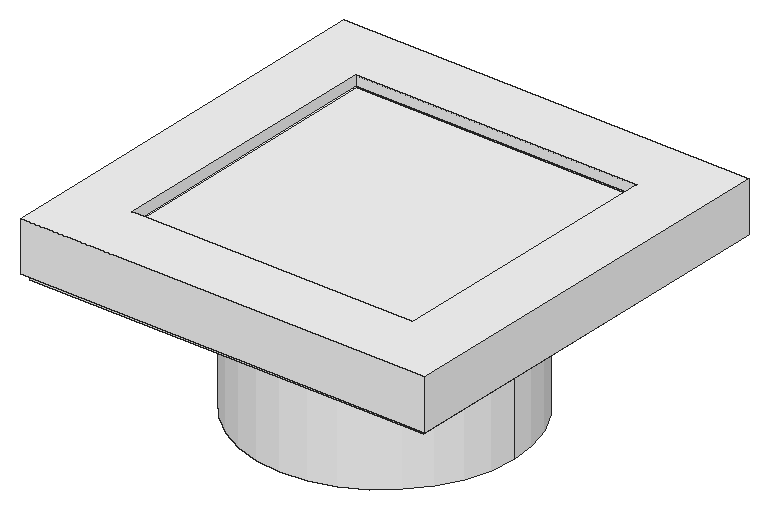
Revit family "Gira_228005", category Electrical Fixtures, host Face, Revit 2017
Family settings
  Host = Face
  Maintain Annotation Orientation = Yes
  Round Connector Dimension = Use Diameter
  Part Type = Normal
  Cut with Voids When Loaded = No
  Shared = No
  Room Calculation Point = No
Parameters (values of type "Lautsprecher UP-Radio RDS System 55 Schwarzglasoptik")
  Zusammenstellung = "Basiselement"
  White [instance] = White
  Werkstoffgüte = "sonstige"
  Werkstoff = "sonstige"
  URL = "http://katalog.gira.de/de_DE/datenblatt.html?artikelnr=228205"
  Transparent = "No"
  Region = "DE"
  Oberfläche = "sonstige"
  Name = "Lautsprecher UP-Radio RDS System 55 Schwarzglasoptik"
  Montageart = "unter Putz"
  Model = "Sys55_Komplettgerät_Schalten und Tasten"
  Manufacturer URL = "https://www.gira.de/"
  HeinzeBIM = "https://bimportal.heinze.de/bim/lautsprecher-up-radio-rds-system-55-schwarzglasoptik/324244d0223bc3f4206ff64858d69bedb1423652"
  Halogenfrei = "No"
  HAN = "228205"
  GTIN = "4010337889182"
  Farbe = "schwarz"
  Default Elevation = 1219.2 mm
  Data sheet (1) = "https://katalog.gira.de/de_DE/download.html?artikelnr=228205"
  Category = "Elektronik-Gerät für Installationsschalterprogramme"
  Befestigungsart = "Krallen-/Schraubbefestigung"
  Available = "Yes"
  Ausführung der Oberfläche = "glänzend"
  Ausführung = "Radio (*en-EN)"
Reference planes
  plane 1 "Center (Front/Back)": y = 0
  plane 2: z = 0
  plane 3 "Center (Left/Right)": x = 0
Forms (mm)
  Extrusion 1, solid, material "White" <- "White", detail levels medium
    sketch origin (0, 0, 0) x (1, 0, 0) y (0, 1, 0)
      loop
        line (-40.4, 40.4) -> (-40.4, -40.4) -> (40.4, -40.4) -> (40.4, 40.4) -> (-40.4, 40.4)
      loop
        line (-28, 28) -> (-28, -28) -> (28, -28) -> (28, 28) -> (-28, 28)
    from 0 to 10
  Extrusion 2, solid, material "White" <- "White", detail levels fine
    sketch origin (0, 0, 0) x (1, 0, 0) y (0, 1, 0)
      loop
        line (-40.4, 40.4) -> (-40.4, -40.4) -> (40.4, -40.4) -> (40.4, 40.4) -> (-40.4, 40.4)
      loop
        line (-28, 28) -> (-28, -28) -> (28, -28) -> (28, 28) -> (-28, 28)
    from 0 to 10
  Extrusion 3, void
    sketch origin (0, 0, 0) x (1, 0, 0) y (0, 1, 0)
      loop
        line (-38.4, 38.4) -> (-38.4, -38.4) -> (38.4, -38.4) -> (38.4, 38.4) -> (-38.4, 38.4)
    from 0 to 8
  Extrusion 4, solid, material "White" <- "White", detail levels medium+fine
    sketch origin (0, 0, 0) x (1, 0, 0) y (0, 1, 0)
      loop
        line (-39.4, 39.4) -> (-39.4, -39.4) -> (39.4, -39.4) -> (39.4, 39.4) -> (-39.4, 39.4)
    from 0 to -1
  Extrusion 5, solid, material "White" <- "White", detail levels medium+fine
    sketch origin (0, 0, 0) x (1, 0, 0) y (0, 1, 0)
      loop
        line (-35.5, 35.5) -> (-35.5, -35.5) -> (35.5, -35.5) -> (35.5, 35.5) -> (-35.5, 35.5)
    from -2 to -3
  Extrusion 6, solid, material "White" <- "White", detail levels medium+fine
    sketch origin (0, 0, 0) x (1, 0, 0) y (0, 1, 0)
      loop
        circle (0, 0) r 26
    from 0 to -27.5
  Extrusion 7, solid, material "White" <- "White", detail levels coarse
    sketch origin (0, 0, 0) x (1, 0, 0) y (0, 1, 0)
      loop
        line (-40.4, 40.4) -> (-40.4, -40.4) -> (40.4, -40.4) -> (40.4, 40.4) -> (-40.4, 40.4)
    from -27.5 to 10
Cuts and joins
  Extrusion 3 cuts Extrusion 2
Dimensions and locks
  aligned and locked: plane 2 to host face
  aligned and locked: level to host face
  aligned and locked: plane 3 "Center (Left/Right)" to nested 2
  aligned and locked: plane 1 "Center (Front/Back)" to nested 2
Nested families
  nested 1: "Sys55_Abdeckung_Schalten und Tasten_floor_base" at (0, 0, 0), type "Sys55_Abdeckung_Schalten und Tasten_floor_base"
  nested 2: "Schalter" at (0, 0, 0), type "Schalter"
Connectors
  electrical at (0, 0, -27.5)
    settings: on Extrusion 6, index 1, voltage 220 V, apparent load 0 VA, apparent load phase1 0 VA, apparent load phase2 0 VA, apparent load phase3 0 VA, power factor 1, load classification "Other", number of poles 1, system type 30, power factor state 1, is connector primary yes, connector utility no, sub classification motor no, connector description ""
Definition of nested family "Sys55_Abdeckung_Schalten und Tasten_floor_base"
  Parameters
    Default Elevation = 1219.2 mm
    White [instance] = none
  Reference planes
    plane 1 "Center (Front/Back)": y = 0
    plane 2: z = 0
    plane 3 "Center (Left/Right)": x = 0
  Forms (mm)
    Extrusion 1, solid
      sketch origin (0, 0, 0) x (1, 0, 0) y (0, 1, 0)
        loop
          line (-1219.2, 1219.2) -> (-1219.2, -1219.2) -> (1219.2, -1219.2) -> (1219.2, 1219.2) -> (-1219.2, 1219.2)
      from 0 to -304.8
    Extrusion 2, solid, material <- "White", detail levels fine
      sketch origin (0, 0, 0) x (1, 0, 0) y (0, 1, 0)
        loop
          line (-27.5, 27.5) -> (-27.5, -27.5) -> (27.5, -27.5) -> (27.5, 27.5) -> (-27.5, 27.5)
      from 0 to 8
    Extrusion 3, void
      sketch origin (0, 0, 0) x (1, 0, 0) y (0, 1, 0)
        loop
          line (26, 26) -> (-26, 26) -> (-26, -26) -> (26, -26) -> (26, 26)
      from 0 to 6
    Extrusion 4, solid, material <- "White", detail levels medium
      sketch origin (0, 0, 0) x (1, 0, 0) y (0, 1, 0)
        loop
          line (-27.5, 27.5) -> (-27.5, -27.5) -> (27.5, -27.5) -> (27.5, 27.5) -> (-27.5, 27.5)
      from 0 to 8
    Extrusion 5, solid, material <- "White", detail levels medium
      sketch origin (0, 0, 0) x (1, 0, 0) y (0, 1, 0)
        loop
          line (11, -17.5) -> (11, 17.5) -> (-11, 17.5) -> (-11, -17.5) -> (11, -17.5)
      from -6 to 6
    Extrusion 6, solid, material <- "White", detail levels fine
      sketch origin (0, 0, 0) x (1, 0, 0) y (0, 1, 0)
        loop
          line (11, 17.5) -> (-11, 17.5) -> (-11, 16.5) -> (11, 16.5) -> (11, 17.5)
        loop
          line (-11, -16.5) -> (-11, -17.5) -> (11, -17.5) -> (11, -16.5) -> (-11, -16.5)
      from -4 to 6
    Extrusion 7, solid, material <- "White", detail levels fine
      sketch origin (0, 0, 0) x (1, 0, 0) y (0, 1, 0)
        loop
          arc (5, 9.347) -> (0, 10.6) -> (-5, 9.347) r 10.6
          line (-5, 9.347) -> (-5, -9.347)
          arc (-5, -9.347) -> (0, -10.6) -> (5, -9.347) r 10.6
          line (5, -9.347) -> (5, 9.347)
      from -6 to 6
    Extrusion 8, solid, material <- "White", detail levels coarse
      sketch origin (0, 0, 0) x (1, 0, 0) y (0, 1, 0)
        loop
          line (-27.5, 27.5) -> (-27.5, -27.5) -> (27.5, -27.5) -> (27.5, 27.5) -> (-27.5, 27.5)
      from -6 to 8
  Cuts and joins
    Extrusion 3 cuts Extrusion 2
  Dimensions and locks
    aligned and locked: plane 2 to Extrusion 1
    aligned and locked: level to Extrusion 1
Definition of nested family "Schalter"
  Reference planes
    plane 1: y = 0
    plane 2: x = 0
  Lines and regions (mm)
    detail lines
      curve 1: circle (1.375, 2.778, 0) r 0.8 normal (0, 0, 1)
      curve 2: line (1.021, 2.061, 0) -> (0, 0, 0)
      curve 3: line (0, 0, 0) -> (-0.538, 0.266, 0)
  Dimensions and locks
    curve 2 to curve 2 = 2.3 mm
    curve 3 to curve 2 = 0.6 mm
    radius of curve 1 = 0.8 mm
